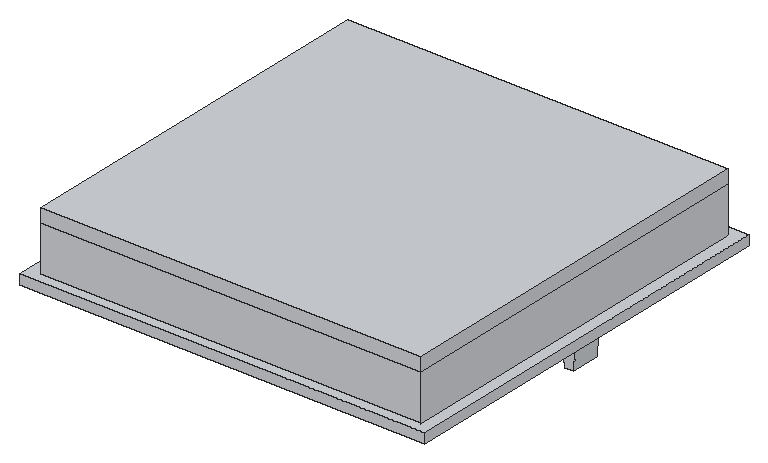
Revit family "Gira_028567", category Electrical Fixtures, host Face, Revit 2017
Family settings
  Host = Face
  Maintain Annotation Orientation = No
  Round Connector Dimension = Use Diameter
  Part Type = Normal
  Cut with Voids When Loaded = No
  Shared = No
  Room Calculation Point = No
Parameters (values of type "Rocker sym.light Gira TX_44 (WP FM) anthra.")
  With exchangeable lens/symbol = "No"
  URL = "http://katalog.gira.de/en/datenblatt.html?artikelnr=028567"
  Suitable for touch sensor connector for bus system = "No"
  Scannable symbol / barrier free = "No"
  Name = "Rocker sym.light Gira TX_44 (WP FM) anthra."
  Monitoring window/light outlet = "No"
  Model = "Single rocker"
  Manufacturer URL = "https://www.gira.de/"
  Manufacturer = "Gira"
  Keynote = ""
  HeinzeBIM = "https://bimportal.heinze.de/bim/rocker-sym-light-gira-tx-44-wp-fm-anthra-/ee6c3b66155416c34184b9f64c1e6d5bc438c8db"
  HAN = "028567"
  GTIN = "4010337285670"
  Description = "Rock.sym.light TX_44 AN,Rocker with symbol,Light,anthracite,Notes :,- Theft-prevention implemented via optional screw-in clamp piece. This makes plugging of cover frame unnecessary."
  Default Elevation = 1219.2 mm
  Data sheet (1) = "https://katalog.gira.de/en/download.html?artikelnr=028567"
  Category = "Control element/cover plate for domestic switching devices"
  BIM (1) = "https://media.stage.bim.site/public/gira/36a6b08/TX44_Abdeckung_Schalten und Tasten.rfa?public/gira/36a6b08/TX44_Abdeckung_Schalten und Tasten.rfa"
  Available = "No"
Reference planes
  plane 1 "Center (Front/Back)": y = 0
  plane 2: z = 0
  plane 3 "Center (Left/Right)": x = 0
Forms (mm)
  Extrusion 1, solid, detail levels fine
    sketch origin (0, 0, 0) x (1, 0, 0) y (0, 1, 0)
      loop
        line (34.85, 34.85) -> (-34.85, 34.85) -> (-34.85, -34.85) -> (34.85, -34.85) -> (34.85, 34.85)
      loop
        line (-31.45, 31.8) -> (-31.45, -31.8) -> (31.45, -31.8) -> (31.45, 31.8) -> (-31.45, 31.8)
    from 0 to 1.7
  Extrusion 2, solid, detail levels fine
    sketch origin (0, 0, 0) x (1, 0, 0) y (0, 1, 0)
      loop
        line (32.8, 33.05) -> (-32.8, 33.05) -> (-32.8, -33.05) -> (32.8, -33.05) -> (32.8, 33.05)
      loop
        line (-31.45, 31.8) -> (-31.45, -31.8) -> (31.45, -31.8) -> (31.45, 31.8) -> (-31.45, 31.8)
    from 1.566 to 9.515
  Extrusion 3, solid, detail levels fine
    sketch origin (0, 0, 0) x (1, 0, 0) y (0, 1, 0)
      loop
        line (32.8, 33.05) -> (-32.8, 33.05) -> (-32.8, -33.05) -> (32.8, -33.05) -> (32.8, 33.05)
    from 9.515 to 11.816
  Extrusion 4, solid, detail levels fine
    sketch origin (0, 0, 0) x (1, 0, 0) y (0, 0, 1)
      loop
        line (-32.815, 0) -> (-34.827, 0) -> (-34.611, -3.084) -> (-33.031, -3.084) -> (-32.815, 0)
      loop
        line (32.815, 0) -> (33.031, -3.084) -> (34.611, -3.084) -> (34.827, 0) -> (32.815, 0)
    from -2.513 to 2.5
  Extrusion 5, solid, detail levels fine
    sketch origin (0, 0, 0) x (1, 0, 0) y (0, 1, 0)
      loop
        spline (-23.686, 23.152) -> (-23.856, 23.114) -> (-24.022, 23.062) -> (-24.184, 22.995) -> (-24.338, 22.915) -> (-24.486, 22.821) -> (-24.624, 22.715) -> (-24.753, 22.597) -> (-24.87, 22.468) -> (-24.977, 22.33) -> (-25.07, 22.183) -> (-25.151, 22.028) -> (-25.218, 21.867)
        line (-25.218, 21.867) -> (-29.35, 10.513) -> (-29.35, -10.487) -> (-25.218, -21.841)
        spline (-25.218, -21.841) -> (-25.151, -22.002) -> (-25.07, -22.156) -> (-24.977, -22.304) -> (-24.87, -22.442) -> (-24.753, -22.571) -> (-24.624, -22.688) -> (-24.486, -22.795) -> (-24.338, -22.888) -> (-24.184, -22.969) -> (-24.022, -23.036) -> (-23.856, -23.088) -> (-23.686, -23.126)
        line (-23.686, -23.126) -> (0, -27.302) -> (23.686, -23.126)
        spline (23.686, -23.126) -> (23.856, -23.088) -> (24.022, -23.036) -> (24.184, -22.969) -> (24.338, -22.888) -> (24.486, -22.795) -> (24.624, -22.688) -> (24.753, -22.571) -> (24.87, -22.442) -> (24.977, -22.304) -> (25.07, -22.156) -> (25.151, -22.002) -> (25.218, -21.841)
        line (25.218, -21.841) -> (29.35, -10.487) -> (29.35, 10.513) -> (25.218, 21.867)
        spline (25.218, 21.867) -> (25.151, 22.028) -> (25.07, 22.183) -> (24.977, 22.33) -> (24.87, 22.468) -> (24.753, 22.597) -> (24.624, 22.715) -> (24.486, 22.821) -> (24.338, 22.915) -> (24.184, 22.995) -> (24.022, 23.062) -> (23.856, 23.114) -> (23.686, 23.152)
        line (23.686, 23.152) -> (0, 27.328) -> (-23.686, 23.152)
      loop
        line (-24.278, 21.525) -> (-28.35, 10.337) -> (-28.35, -10.311) -> (-24.278, -21.498)
        spline (-24.278, -21.498) -> (-24.245, -21.579) -> (-24.204, -21.656) -> (-24.157, -21.73) -> (-24.104, -21.799) -> (-24.045, -21.863) -> (-23.981, -21.922) -> (-23.912, -21.976) -> (-23.838, -22.022) -> (-23.761, -22.063) -> (-23.68, -22.096) -> (-23.597, -22.122) -> (-23.512, -22.141)
        line (-23.512, -22.141) -> (0, -26.287) -> (23.512, -22.141)
        spline (23.512, -22.141) -> (23.597, -22.122) -> (23.68, -22.096) -> (23.761, -22.063) -> (23.838, -22.022) -> (23.912, -21.976) -> (23.981, -21.922) -> (24.045, -21.863) -> (24.104, -21.799) -> (24.157, -21.73) -> (24.204, -21.656) -> (24.245, -21.579) -> (24.278, -21.498)
        line (24.278, -21.498) -> (28.35, -10.311) -> (28.35, 10.337) -> (24.278, 21.525)
        spline (24.278, 21.525) -> (24.245, 21.605) -> (24.204, 21.683) -> (24.157, 21.756) -> (24.104, 21.825) -> (24.045, 21.89) -> (23.981, 21.949) -> (23.912, 22.002) -> (23.838, 22.048) -> (23.761, 22.089) -> (23.68, 22.122) -> (23.597, 22.148) -> (23.512, 22.167)
        line (23.512, 22.167) -> (0, 26.313) -> (-23.512, 22.167)
        spline (-23.512, 22.167) -> (-23.597, 22.148) -> (-23.68, 22.122) -> (-23.761, 22.089) -> (-23.838, 22.048) -> (-23.912, 22.002) -> (-23.981, 21.949) -> (-24.045, 21.89) -> (-24.104, 21.825) -> (-24.157, 21.756) -> (-24.204, 21.683) -> (-24.245, 21.605) -> (-24.278, 21.525)
    from 4.866 to 9.515
  Extrusion 6, solid, detail levels fine
    sketch origin (0, 0, 0) x (1, 0, 0) y (0, 1, 0)
      loop
        arc (0, 8.51) -> (-1.055, 8.223) -> (-1.717, 7.352) r 1.7
        line (-1.717, 7.352) -> (-2.205, 5.894) -> (-2.205, 4.213) -> (-4.36, 4.213)
        arc (-4.36, 4.213) -> (-4.865, 4.091) -> (-5.257, 3.75) r 1.1
        arc (-5.257, 3.75) -> (-6.02, 2.328) -> (-6.406, 0.761) r 6.45
        arc (-6.406, 0.761) -> (-6.7, 0.013) -> (-6.406, -0.735) r 1.1
        arc (-6.406, -0.735) -> (-6.02, -2.302) -> (-5.257, -3.724) r 6.45
        arc (-5.257, -3.724) -> (-4.865, -4.064) -> (-4.36, -4.187) r 1.1
        line (-4.36, -4.187) -> (-2.1, -4.187) -> (-2.1, -5.243)
        arc (-2.1, -5.243) -> (-1.847, -5.944) -> (-1.206, -6.323) r 1.1
        arc (-1.206, -6.323) -> (0, -6.437) -> (1.206, -6.323) r 6.45
        arc (1.206, -6.323) -> (1.847, -5.944) -> (2.1, -5.243) r 1.1
        line (2.1, -5.243) -> (2.1, -4.187) -> (4.36, -4.187)
        arc (4.36, -4.187) -> (4.865, -4.064) -> (5.257, -3.724) r 1.1
        arc (5.257, -3.724) -> (6.02, -2.302) -> (6.406, -0.735) r 6.45
        arc (6.406, -0.735) -> (6.7, 0.013) -> (6.406, 0.761) r 1.1
        arc (6.406, 0.761) -> (6.02, 2.328) -> (5.257, 3.75) r 6.45
        arc (5.257, 3.75) -> (4.865, 4.091) -> (4.36, 4.213) r 1.1
        line (4.36, 4.213) -> (2.205, 4.213) -> (2.205, 5.894) -> (1.717, 7.352)
        arc (1.717, 7.352) -> (1.055, 8.223) -> (0, 8.51) r 1.7
    from -6.834 to 9.515
  Extrusion 7, solid, detail levels coarse
    sketch origin (0, 0, 0) x (1, 0, 0) y (0, 1, 0)
      loop
        line (34.85, 34.85) -> (-34.85, 34.85) -> (-34.85, -34.85) -> (34.85, -34.85) -> (34.85, 34.85)
    from -6.834 to 11.816
  Extrusion 8, solid, detail levels medium
    sketch origin (0, 0, 0) x (1, 0, 0) y (0, 1, 0)
      loop
        line (32.8, 33.05) -> (-32.8, 33.05) -> (-32.8, -33.05) -> (32.8, -33.05) -> (32.8, 33.05)
    from 1.566 to 11.816
  Extrusion 9, solid, detail levels medium
    sketch origin (0, 0, 0) x (1, 0, 0) y (0, 1, 0)
      loop
        line (34.85, 34.85) -> (-34.85, 34.85) -> (-34.85, -34.85) -> (34.85, -34.85) -> (34.85, 34.85)
    from 0 to 1.7
  Extrusion 10, solid, detail levels medium
    sketch origin (0, 0, 0) x (1, 0, 0) y (0, 1, 0)
      loop
        circle (0, 1.036) r 7.473
    from -6.834 to 9.515
  Extrusion 11, solid, detail levels medium
    sketch origin (0, 0, 0) x (1, 0, 0) y (0, 0, 1)
      loop
        line (-32.815, -3.084) -> (-32.815, 0) -> (-34.827, 0) -> (-34.827, -3.084) -> (-32.815, -3.084)
      loop
        line (32.815, -3.084) -> (34.827, -3.084) -> (34.827, 0) -> (32.815, 0) -> (32.815, -3.084)
    from -2.513 to 2.5
Dimensions and locks
  aligned and locked: plane 2 to host face
  aligned and locked: level to host face
